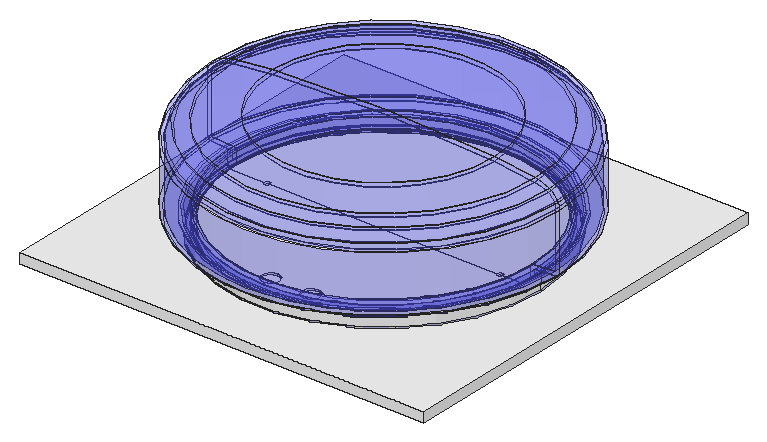
Revit family "BE_50042_de_DE", category Leuchten, Revit 2020
Family settings
  Basisbauteil = Fläche
  Bemaßung runder Anschluss = Durchmesser verwenden
  Teiletyp = Normal
  Beim Laden mit Abzugskörper schneiden = Ja
  Lichtquelle = Ja
  Gemeinsam genutzt = Nein
  Raumberechnungspunkt = Ja
Parameters (values of type "BEGA_50042_K3")
  built-in parameter 1150104 = 11.604 (stored number, unit not read)
  Wattage = 26.9 W
  Default Elevation = 0 mm
  built-in parameter 1150113 = 1 (stored number, unit not read)
  built-in parameter 1114218 = 1 (stored number, unit not read)
  Umgebungstemperatur = "25 °C"
  URL = "https://www.bega.com/de/produkt/50042"
  Typenkommentare = "© 2022 BEGA. Wir behalten uns das Recht vor, technische Änderungen ohne vorherige Ankündigung vorzunehmen."  # constant formula
  built-in parameter 1150134 = (empty or 0)
  built-in parameter 1150109 = 1 (stored number, unit not read)
  Strom = ""
  built-in parameter 1150110 = 1 (stored number, unit not read)
  Spannung = 230 V
  Sonderanfertigung = no
  Seriennummer [instance] = "Hier können Sie die eindeutige Seriennummer für das Facility Management eintragen."
  Schutzklasse = "I"
  Schutzart = "IP 20"
  Scheinlast = 0 VA
  Produktdatenblatt = "http://www.bega.de/download/Xrfa/db/50042.db.de.pdf"
  Oberflächentemperatur = ""
  Neigungswinkel = 0.00°
  Model = "50042K2"
  Material_17 = BEGA_Reflektor
  Material_15 = BEGA_Leuchtmedium_matt
  Material_11 = BEGA_Glas_opal
  Material_09 = BEGA_Glas_klar
  Material_06 = BEGA_Oberfläche_Edelstahl_gebürstet
  Material_03 = BEGA_Oberfläche_Weiss_matt
  Material_02 = BEGA_Oberfläche_Silber_matt
  Material_01 [instance] = BEGA_Oberfläche_Grafit_matt
  M_W = no
  M_G = no
  M_A = no
  Logo = 0
  built-in parameter 1114217 = 1 (stored number, unit not read)
  built-in parameter 1150139 = (empty or 0)
  built-in parameter 1150105 = 766.64 (stored number, unit not read)
  built-in parameter 1150114 = 1 (stored number, unit not read)
  Lumens = 3359.81 lm
  built-in parameter 1150115 = 1 (stored number, unit not read)
  Leuchtenlichtstrom = "2193 lm"
  Leuchtenanzahl = ""
  Lebensdauerkriterien = "L70B50 @ 25 °C = 106000 h"
  Lastklassifizierung = Beleuchtung
  built-in parameter 1150112 = 1 (stored number, unit not read)
  Lampenlichtstrom = "3360 lm"
  Lamp = "LED 26.9 W"
  LED_Modulbezeichnung = "LED-0510/927"
  Hersteller = "BEGA"  # constant formula
  Halbstreuwinkel = ""
  Gewicht = "3.25 kg"
  Gebrauchslageneinschränkung [instance] = ""
  Frequenz = "50 Hz"
  Farbwiedergabeindex = "CRI > 90"
  Farbtemperaturverschiebung bei Dämpfen der Lampe = <Keine Auswahl>
  Farbtemperatur = "2700 K"
  Color Filter = 16777215
  built-in parameter 1150133 = 10 (stored number, unit not read)
  Energieeffizienzklasse = "LED A++ - A"
  built-in parameter 1150137 = (empty or 0)
  built-in parameter 1150132 = (empty or 0)
  ENEC = ""
  Dimmbar [instance] = ""
  Photometric Web File = "BE_50042K2.IES"
  CE_Konformität = "ja"
  Bestellnummer = "50042K2"
  Beschreibung_Sonderanfertigung = "Hier können Sie Informationen zur Sonderanfertigung eintragen."
  Beschreibung = "Decken- und Wandleuchte"
  built-in parameter 1150106 = 7.6664 (stored number, unit not read)
  Befestigungsbohrung = "Ø 5,5 mm"
  Befestigungsabstand = "230 mm"
  Ballwurfsicher = ""
  BEGA_Intern_aus = yes
  BEGA_Intern_an = yes
  BEGA_Intern_Konstruktion = yes
  BEGA_Intern = yes
  BEGA_IES = yes
  BEGA_Dummy = no
  Anschlussleitung = ""
  Anschlussleistung [instance] = "32.6 W"
  Anschlusskasten = ""
  built-in parameter 1150107 = 2700 (stored number, unit not read)
  built-in parameter 1150102 = (empty or 0)
  built-in parameter 1150138 = (empty or 0)
  Aktualisierung = "2020-05-11T04:00:10"
  Abstand_zur_angestrahlten_Fläche [instance] = ""
  AC/DC = "AC"
Types (3, lengths in mm): name | built-in parameter 1150104 | built-in parameter 1150134 | Model | built-in parameter 1150105 | Lumens | Leuchtenlichtstrom | Lampenlichtstrom | LED_Modulbezeichnung | Farbtemperatur | Photometric Web File | Bestellnummer | built-in parameter 1150106 | built-in parameter 1150107
  BEGA_50042_K3 | 11.687 (stored number, unit not read) | (empty or 0) | "50042K3" | 772.2 (stored number, unit not read) | 3384.02 lm | "2592 lm" | "3970 lm" | "LED-0510/930" | "3000 K" | "BE_50042K3.IES" | "50042K3" | 7.722 (stored number, unit not read) | 3000 (stored number, unit not read)
  BEGA_50042_K4 | 12.124 (stored number, unit not read) | 12 | "50042K4" | 279.35 (stored number, unit not read) | 3510.45 lm | "2700 lm" | "4135 lm" | "LED-0510/940" | "4000 K" | "BE_50042K4.IES" | "50042K4" | 2.7935 (stored number, unit not read) | 4000 (stored number, unit not read)
  BEGA_50042_K27 | 12.124 (stored number, unit not read) | 12 | "50042K27" | 279.35 (stored number, unit not read) | 3510.45 lm | "2510 lm" | "3845 lm" | "LED-0510/927" | "2700 K" | "BE_50042K27.IES" | "50042K27" | 2.7935 (stored number, unit not read) | 4000 (stored number, unit not read)
Reference planes
  plane 1 "Mitte (Vorne/Hinten)": y = 0
  plane 2: z = 0
  plane 3 "Mitte (Links/Rechts)": x = 0
  plane 4 "Links": x = -174
  plane 5 "Rechts": x = 174
  plane 6 "Unten": y = -174
  plane 7 "Oben": y = 174
  plane 8 "Vorne": z = 109.9
  plane 9 "Hinten": z = 0
Forms (mm)
  Extrusion 1, solid, material "BEGA_Platte_Weiss"
    sketch origin (0, -1119.2, 0) x (1, 0, 0) y (0, 1, 0)
      loop
        line (-200, 1319.2) -> (-200, 919.2) -> (200, 919.2) -> (200, 1319.2) -> (-200, 1319.2)
    from 0 to -10
  Extrusion 2, solid, material "BEGA_Dummy_matt", visible <- "BEGA_Dummy"
    sketch origin (77.149, -76.023, 0) x (1, 0, 0) y (0, 1, 0)
      loop
        circle (-77.149, 76.023) r 174
    from 0 to 109.9
Dimensions and locks
  plane 1 "Mitte (Vorne/Hinten)" to Extrusion 1 = 200 mm
  aligned and locked: plane 2 to Extrusion 1
  aligned and locked: level to Extrusion 1
Nested families
  nested 1: "BE_50042" at (0, 0, 0) x (0, -1, 0) z (0, 0, 1), type "BE_50042"
Connectors
  electrical at (0, 0, 0), driven by "Lastklassifizierung", driven by "Spannung", driven by "Scheinlast"
    settings: index 1, voltage 230 V, apparent load 0 VA, apparent load phase1 0 VA, apparent load phase2 0 VA, apparent load phase3 0 VA, power factor 1, load classification "Beleuchtung", number of poles 1, system type 31, power factor state 1, is connector primary yes, connector utility no, sub classification motor no, connector description ""
Definition of nested family "BE_50042"
  Parameters (values of type "BE_50042")
    Default Elevation = 1 mm
    URL = "http://www.bega.de/de/produkt"
    Type Comments = "© 2015 BEGA. Wir behalten uns das Recht vor, technische Änderungen ohne vorherige Ankündigung vorzunehmen. "  # constant formula
    Type Image = (empty or 0)
    Neigungswinkel_um_Z2 = 0.00°
    Neigungswinkel_um_Z1 = 0.00°
    Neigungswinkel_um_Y2 = 0.00°
    Neigungswinkel_um_Y1 = 0.00°
    Neigungswinkel_um_X2 = 0.00°
    Neigungswinkel_um_X1 = 0.00°
    Material_17 = none
    Material_15 = none
    Material_11 = none
    Material_09 = none
    Material_06 = none
    Material_05 = none
    Material_03 = none
    Material_02 = none
    Material_01 = none
    M_W = yes
    M_G = yes
    M_A = yes
    Länge_Platte = 400 mm  # constant formula
    Höhe_Platte = -10 mm  # constant formula
    Manufacturer = "BEGA"  # constant formula
    Drehwinkel_um_Z2 = 0.00°
    Drehwinkel_um_Z1 = 0.00°
    Breite_Platte = 400 mm  # constant formula
  Reference planes
    plane 1 "Mitte (Oben/Unten)": y = 0
    plane 2: z = 0
    plane 3 "Mitte (Links/Rechts)": x = 0
    plane 4: y = 174
    plane 5: z = 109.9
    plane 6: y = -174
    plane 7: x = -174
    plane 8: x = 174
  Forms (mm)
    Extrusion 1, solid, detail levels medium
      sketch origin (0, 0, 0) x (1, 0, 0) y (0, 1, 0)
        loop
          line (-200, 200) -> (-200, -200) -> (200, -200) -> (200, 200) -> (-200, 200)
      from 0 to -10 <- "Höhe_Platte"
    Revolve 2, solid, material <- "Material_03", detail levels medium+fine
      sketch origin (0, 0, 0) x (0, 1, 0) y (0, 0, 1)
        loop
          line (159, 19.8) -> (159, 20.8) -> (156.831, 20.8)
          arc (156.831, 20.8) -> (155.563, 20.284) -> (155.024, 19.025) r 1.8
          line (155.024, 19.025) -> (154.767, 4.283)
          arc (154.767, 4.283) -> (154.468, 3.587) -> (153.767, 3.3) r 1
          line (153.767, 3.3) -> (0, 3.3) -> (0, 2.3) -> (153.767, 2.3)
          arc (153.767, 2.3) -> (155.169, 2.873) -> (155.767, 4.265) r 2
          line (155.767, 4.265) -> (156.024, 19.01)
          arc (156.024, 19.01) -> (156.264, 19.571) -> (156.829, 19.8) r 0.8
          line (156.829, 19.8) -> (159, 19.8)
        axis (0, 2.3) -> (0, 20.8)
      angle from 0 to 360
    Revolve 3, solid, material <- "Material_03", detail levels medium+fine
      sketch origin (0, 0, 0) x (0, 1, 0) y (0, 0, 1)
        loop
          arc (124.13, 1.943) -> (124.474, 2.206) -> (124.896, 2.3) r 1
          line (124.896, 2.3) -> (125.896, 3.3) -> (117.75, 3.3) -> (117.75, 0) -> (121.108, 0)
          arc (121.108, 0) -> (122.369, 0.281) -> (123.395, 1.067) r 3
          line (123.395, 1.067) -> (124.13, 1.943)
        axis (115, 3.3) -> (115, 0)
      angle from 0 to 360
    Extrusion 4, void
      sketch origin (0, 0, 0) x (1, 0, 0) y (0, 1, 0)
        loop
          circle (115, 20) r 8.5
        loop
          circle (0, 115) r 2.75
        loop
          circle (0, -115) r 2.75
        loop
          circle (115, -20) r 8.5
      from 0 to 7.205
    Revolve 5, solid, material <- "Material_11", detail levels medium+fine
      sketch origin (0, 0, 0) x (0, 1, 0) y (0, 0, 1)
        loop
          arc (150.036, 101.343) -> (130.076, 104.141) -> (110.006, 106.001) r 430
          arc (110.006, 106.001) -> (55.038, 108.925) -> (0, 109.9) r 1553.99
          line (0, 109.9) -> (0, 105.9)
          arc (0, 105.9) -> (54.9, 104.927) -> (109.731, 102.01) r 1549.989
          arc (109.731, 102.01) -> (129.596, 100.17) -> (149.352, 97.401) r 426
          arc (149.352, 97.401) -> (156.196, 95.732) -> (162.704, 93.037) r 46
          arc (162.704, 93.037) -> (166.507, 90.109) -> (168.988, 86) r 13
          arc (168.988, 86) -> (169.743, 83.257) -> (170, 80.424) r 16
          line (170, 80.424) -> (170, 25.506) -> (148.791, 24.394)
          arc (148.791, 24.394) -> (146.425, 23.461) -> (145.1, 21.289) r 4
          line (145.1, 21.289) -> (145.1, 11.074)
          arc (145.1, 11.074) -> (145.5, 9.577) -> (146.592, 8.479) r 3.001
          line (146.592, 8.479) -> (148.263, 7.514)
          arc (148.263, 7.514) -> (149.358, 6.407) -> (149.75, 4.9) r 3.002
          line (149.75, 4.9) -> (153.75, 4.9) -> (153.75, 8.384)
          arc (153.75, 8.384) -> (153.617, 8.887) -> (153.25, 9.256) r 1
          line (153.25, 9.256) -> (149.499, 11.421)
          arc (149.499, 11.421) -> (149.133, 11.787) -> (148.999, 12.287) r 1
          line (148.999, 12.287) -> (149, 19.451)
          arc (149, 19.451) -> (149.272, 20.136) -> (149.94, 20.449) r 1
          line (149.94, 20.449) -> (171.157, 21.561)
          arc (171.157, 21.561) -> (173.176, 22.492) -> (174, 24.557) r 3
          line (174, 24.557) -> (174, 80.418)
          arc (174, 80.418) -> (173.68, 83.965) -> (172.735, 87.4) r 20
          arc (172.735, 87.4) -> (169.48, 92.785) -> (164.489, 96.617) r 17
          arc (164.489, 96.617) -> (157.443, 99.532) -> (150.036, 101.343) r 50
        axis (0, 109.9) -> (0, 4.9)
      angle from 0 to 360
    Revolve 6, solid, material <- "Material_03", detail levels medium+fine
      sketch origin (0, 0, 0) x (0, -1, 0) y (0, 0, 1)
        loop
          arc (124.13, 1.943) -> (124.474, 2.206) -> (124.896, 2.3) r 1
          line (124.896, 2.3) -> (125.896, 3.3) -> (117.75, 3.3) -> (117.75, 0) -> (121.108, 0)
          arc (121.108, 0) -> (122.369, 0.281) -> (123.395, 1.067) r 3
          line (123.395, 1.067) -> (124.13, 1.943)
        axis (115, 3.3) -> (115, 0)
      angle from 0 to 360
  Cuts and joins
    Extrusion 4 cuts Revolve 2
    Extrusion 4 cuts Revolve 3
    joined: Revolve 2, Revolve 3, Revolve 6
  Dimensions and locks
    equal spacing: Extrusion 1 sketch curve, plane 3 "Mitte (Links/Rechts)", Extrusion 1 sketch curve
    equal spacing: Extrusion 1 sketch curve, plane 1 "Mitte (Oben/Unten)", Extrusion 1 sketch curve
    "Länge_Platte": Extrusion 1 sketch curve to Extrusion 1 sketch curve
    "Breite_Platte": Extrusion 1 sketch curve to Extrusion 1 sketch curve
    aligned and locked: plane 2 to Extrusion 1
    aligned and locked: level to Extrusion 1
  Automatic sketch dimensions
    Revolve 2 sketch curve to Revolve 2 sketch curve = 0 mm  (x10)
    Revolve 2 sketch curve to plane 1 "Mitte (Oben/Unten)" = 0 mm  (x2)
    level to Revolve 2 sketch curve = 4.3 mm
    level to Revolve 2 sketch curve = 4.283 mm
    Revolve 2 sketch curve to Revolve 2 sketch curve = 1 mm  (x4)
    Revolve 2 sketch curve to Revolve 2 sketch curve = 0.257 mm
    level to Revolve 2 sketch curve = 4.265 mm
    Revolve 2 sketch curve to Revolve 2 sketch curve = 0.8 mm
    Revolve 2 sketch curve to Revolve 2 sketch curve = 0.004 mm
    Revolve 2 sketch curve to Revolve 2 sketch curve = 0.002 mm
    Revolve 2 sketch curve to Revolve 2 sketch curve = 2.169 mm
    Revolve 2 sketch curve to Revolve 2 sketch curve = 14.735 mm
    Revolve 2 sketch curve to Revolve 2 sketch curve = 0.01 mm
    Revolve 2 sketch curve to Revolve 2 sketch curve = 0.015 mm
    Revolve 2 sketch curve to Revolve 2 sketch curve = 4 mm
    Revolve 3 sketch curve to level = 0 mm
    level to Revolve 3 sketch curve = 3.3 mm
    Revolve 3 sketch curve to Revolve 3 sketch curve = 3.351 mm
    Revolve 3 sketch curve to Revolve 3 sketch curve = 0.007 mm
    level to Revolve 3 sketch curve = 1.067 mm
    level to Revolve 3 sketch curve = 1.3 mm
    Revolve 3 sketch curve to Revolve 3 sketch curve = 1 mm  (x2)
    Revolve 3 sketch curve to Revolve 3 sketch curve = 2.75 mm
    Revolve 3 sketch curve to Revolve 3 sketch curve = 0.766 mm
    Revolve 3 sketch curve to Revolve 3 sketch curve = 0 mm  (x3)
    Revolve 3 sketch curve to level = 2.001 mm
    Revolve 3 sketch curve to Revolve 3 sketch curve = 2 mm
    Revolve 6 sketch curve to level = 0 mm
    Revolve 6 sketch curve to level = 3.3 mm
    Revolve 6 sketch curve to Revolve 6 sketch curve = 3.351 mm
    Revolve 6 sketch curve to Revolve 6 sketch curve = 0.007 mm
    Revolve 6 sketch curve to level = 1.067 mm
    Revolve 6 sketch curve to level = 1.3 mm
    Revolve 6 sketch curve to Revolve 6 sketch curve = 1 mm  (x2)
    Revolve 6 sketch curve to Revolve 6 sketch curve = 2.75 mm
    Revolve 6 sketch curve to Revolve 6 sketch curve = 0.766 mm
    Revolve 6 sketch curve to Revolve 6 sketch curve = 0 mm  (x3)
    level to Revolve 6 sketch curve = 2.001 mm
    Revolve 6 sketch curve to Revolve 6 sketch curve = 2 mm
    Extrusion 4 sketch curve to plane 3 "Mitte (Links/Rechts)" = 0 mm  (x2)
    plane 1 "Mitte (Oben/Unten)" to Extrusion 4 sketch curve = 20 mm
    Extrusion 4 sketch curve to plane 1 "Mitte (Oben/Unten)" = 20 mm
    Revolve 5 sketch curve to Revolve 5 sketch curve = 0 mm  (x33)
    plane 1 "Mitte (Oben/Unten)" to Revolve 5 sketch curve = 0.01 mm
    plane 1 "Mitte (Oben/Unten)" to Revolve 5 sketch curve = 0 mm
    level to Revolve 5 sketch curve = 8.479 mm
    Revolve 5 sketch curve to Revolve 5 sketch curve = 1.492 mm
    Revolve 5 sketch curve to Revolve 5 sketch curve = 0.156 mm
    Revolve 5 sketch curve to Revolve 5 sketch curve = 1.509 mm
    level to Revolve 5 sketch curve = 7.514 mm
    Revolve 5 sketch curve to Revolve 5 sketch curve = 1.671 mm
    Revolve 5 sketch curve to Revolve 5 sketch curve = 3.9 mm
    level to Revolve 5 sketch curve = 11.421 mm
    Revolve 5 sketch curve to Revolve 5 sketch curve = 1.397 mm
    Revolve 5 sketch curve to Revolve 5 sketch curve = 3.001 mm
    Revolve 5 sketch curve to Revolve 5 sketch curve = 0.94 mm
    Revolve 5 sketch curve to Revolve 5 sketch curve = 1 mm  (x3)
    Revolve 5 sketch curve to Revolve 5 sketch curve = 0.501 mm
    Revolve 5 sketch curve to Revolve 5 sketch curve = 3.251 mm
    Revolve 5 sketch curve to Revolve 5 sketch curve = 2.81 mm
    Revolve 5 sketch curve to Revolve 5 sketch curve = 20.06 mm
    Revolve 5 sketch curve to Revolve 5 sketch curve = 4 mm  (x2)
    Revolve 5 sketch curve to Revolve 5 sketch curve = 2.591 mm
    Revolve 5 sketch curve to level = 322.977 mm
    Revolve 5 sketch curve to Revolve 5 sketch curve = 1121.112 mm
    Revolve 5 sketch curve to Revolve 5 sketch curve = 0.001 mm
    Revolve 5 sketch curve to Revolve 5 sketch curve = 3.485 mm
    Revolve 5 sketch curve to Revolve 5 sketch curve = 0.005 mm
    Revolve 5 sketch curve to Revolve 5 sketch curve = 0.348 mm
    Revolve 5 sketch curve to Revolve 5 sketch curve = 0.866 mm
    Revolve 5 sketch curve to Revolve 5 sketch curve = 7.164 mm
    Revolve 5 sketch curve to Revolve 5 sketch curve = 0.049 mm
    Revolve 5 sketch curve to Revolve 5 sketch curve = 0.889 mm
    Revolve 5 sketch curve to Revolve 5 sketch curve = 4.108 mm
    Revolve 5 sketch curve to Revolve 5 sketch curve = 0.949 mm
    Revolve 5 sketch curve to Revolve 5 sketch curve = 28.392 mm
    Revolve 5 sketch curve to Revolve 5 sketch curve = 0.006 mm
    Revolve 5 sketch curve to Revolve 5 sketch curve = 1.05 mm
    Revolve 5 sketch curve to Revolve 5 sketch curve = 0.275 mm
    Revolve 5 sketch curve to Revolve 5 sketch curve = 0.209 mm
    Revolve 5 sketch curve to Revolve 5 sketch curve = 0.5 mm  (x2)
    Revolve 5 sketch curve to Revolve 5 sketch curve = 0.683 mm
    level to Revolve 5 sketch curve = 9.256 mm
    Revolve 5 sketch curve to Revolve 5 sketch curve = 5.894 mm
    Revolve 5 sketch curve to Revolve 5 sketch curve = 1.785 mm
    Revolve 5 sketch curve to Revolve 5 sketch curve = 1.012 mm
    Revolve 5 sketch curve to Revolve 5 sketch curve = 0.157 mm
    level to Revolve 5 sketch curve = 21.561 mm
    Revolve 5 sketch curve to Revolve 5 sketch curve = 3.747 mm
    Revolve 5 sketch curve to Revolve 5 sketch curve = 27.614 mm
    Revolve 5 sketch curve to Revolve 5 sketch curve = 1.032 mm
    level to Revolve 5 sketch curve = 105.9 mm
    Revolve 5 sketch curve to Revolve 5 sketch curve = 13.352 mm
    Revolve 5 sketch curve to Revolve 5 sketch curve = 40 mm
    plane 3 "Mitte (Links/Rechts)" to Extrusion 4 sketch curve = 115 mm
    Extrusion 4 sketch curve to Extrusion 4 sketch curve = 0 mm
    plane 4 to Revolve 2 sketch curve = 20.233 mm
    plane 4 to Revolve 3 sketch curve = 56.25 mm
    Revolve 3 sketch curve to Revolve 3 sketch curve = 2.287 mm
    Revolve 3 sketch curve to Revolve 3 sketch curve = 1.501 mm
    plane 4 to Extrusion 4 sketch curve = 59 mm
    Revolve 5 sketch curve to plane 4 = 0 mm
    Revolve 5 sketch curve to plane 1 "Mitte (Oben/Unten)" = 80.374 mm
    Revolve 5 sketch curve to Revolve 5 sketch curve = 6.887 mm
    Revolve 5 sketch curve to Revolve 5 sketch curve = 14.988 mm
    plane 5 to Revolve 5 sketch curve = 7.89 mm
    plane 6 to Extrusion 4 sketch curve = 59 mm
    Revolve 6 sketch curve to plane 6 = 56.25 mm
    Revolve 6 sketch curve to Revolve 6 sketch curve = 2.287 mm
    Revolve 6 sketch curve to Revolve 6 sketch curve = 1.501 mm
    radius of Extrusion 4 sketch curve = 8.5 mm  (x2)
    radius of Extrusion 4 sketch curve = 2.75 mm  (x2)
